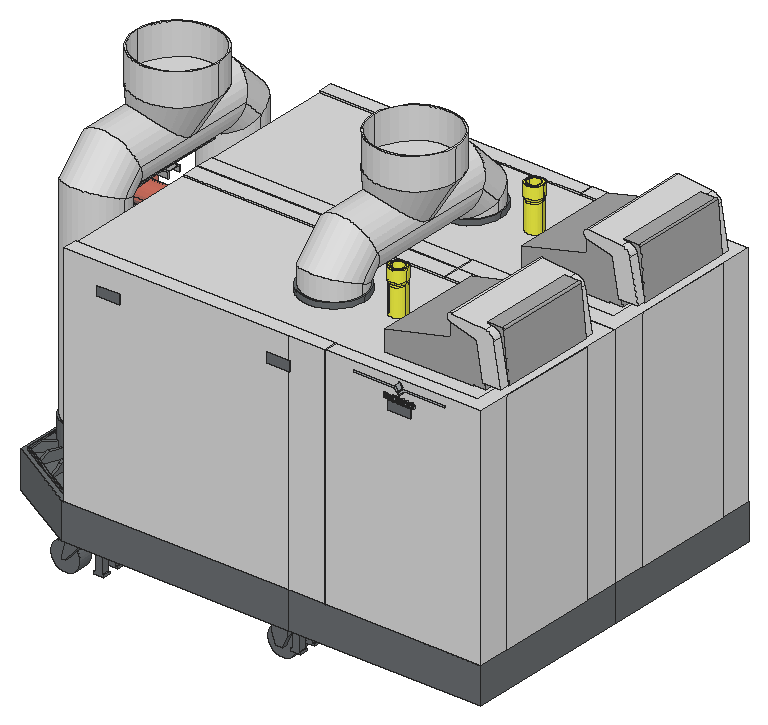
Revit family "HC_Boiler_Condensate Flow_MEPcontent_De Dietrich Thermique_C 640 8-10_FR-FR", category Mechanical Equipment, Revit 2018 (continued)
Definition of nested family "HC_Boiler_Remeha_320 Ace 8-10_Geometry_Right"
  Forms (mm)
    Extrusion 4, solid, material <- "Grey", detail levels fine
      sketch origin (14.5, 247.05, 366) x (0, 0, -1) y (-1, 0, 0)
        loop
          line (296, 584.5) -> (296, 578.287) -> (306, 578.287) -> (306, 620.713) -> (296, 620.713) -> (296, 614.5) -> (211, 614.5) -> (211, 584.5) -> (296, 584.5)
      from -24.05 to 5.95
    Extrusion 5, solid, material <- "Grey", detail levels fine
      sketch origin (14.5, 302.436, 366) x (0, 0, -1) y (1, 0, 0)
        loop
          line (296, -584.5) -> (211, -584.5) -> (211, -614.5) -> (296, -614.5) -> (296, -620.713) -> (306, -620.713) -> (306, -578.287) -> (296, -578.287) -> (296, -584.5)
      from -24.05 to 5.95
    Extrusion 6, solid, material <- "Grey", detail levels fine
      sketch origin (-139.5, -247.05, 366) x (0, 0, -1) y (1, 0, 0)
        loop
          circle (303.778, -614.479) r 62.485
      from -11.05 to 48.95
    Extrusion 7, solid, material <- "Grey", detail levels fine
      sketch origin (-139.5, -247.05, 366) x (0, 0, -1) y (1, 0, 0)
        loop
          line (211, -594.5) -> (302.304, -618.965)
          arc (302.304, -618.965) -> (306.314, -618.167) -> (308.122, -614.5) r 4.622
          line (308.122, -614.5) -> (308.122, -600.995) -> (211, -519.5) -> (211, -594.5)
      from 0 to 63.95
    Extrusion 8, solid, material <- "Grey", detail levels fine
      sketch origin (14.5, -247.05, 366) x (0, 0, -1) y (1, 0, 0)
        loop
          line (296, -584.5) -> (211, -584.5) -> (211, -614.5) -> (296, -614.5) -> (296, -620.713) -> (306, -620.713) -> (306, -578.287) -> (296, -578.287) -> (296, -584.5)
      from -24.05 to 5.95
    Extrusion 9, solid, material <- "Grey", detail levels fine
      sketch origin (14.5, -302.436, 366) x (0, 0, -1) y (-1, 0, 0)
        loop
          line (296, 584.5) -> (296, 578.287) -> (306, 578.287) -> (306, 620.713) -> (296, 620.713) -> (296, 614.5) -> (211, 614.5) -> (211, 584.5) -> (296, 584.5)
      from -24.05 to 5.95
    Extrusion 10, solid, material <- "Grey", detail levels fine
      sketch origin (1019.5, 247.05, 366) x (0, 0, -1) y (-1, 0, 0)
        loop
          circle (303.778, 837.172) r 62.485
      from -11.05 to 48.95
    Extrusion 11, solid, material <- "Grey", detail levels fine
      sketch origin (1019.5, 247.05, 366) x (0, 0, -1) y (-1, 0, 0)
        loop
          line (268.896, 872.18) -> (211, 872.18) -> (211, 802.164) -> (268.896, 802.164) -> (316.024, 822.169) -> (316.024, 852.176) -> (268.896, 872.18)
      from 0 to 63.95
    Extrusion 12, solid, material <- "Grey", detail levels fine
      sketch origin (1019.5, 247.05, 366) x (0, 0, -1) y (-1, 0, 0)
        loop
          line (296, 739.5) -> (296, 733.287) -> (306, 733.287) -> (306, 775.713) -> (296, 775.713) -> (296, 769.5) -> (211, 769.5) -> (211, 739.5) -> (296, 739.5)
      from -24.05 to 5.95
    Extrusion 13, solid, material <- "Grey", detail levels fine
      sketch origin (1019.5, 302.436, 366) x (0, 0, -1) y (1, 0, 0)
        loop
          line (296, -739.5) -> (211, -739.5) -> (211, -769.5) -> (296, -769.5) -> (296, -775.713) -> (306, -775.713) -> (306, -733.287) -> (296, -733.287) -> (296, -739.5)
      from -24.05 to 5.95
    Extrusion 14, solid, material <- "Grey", detail levels fine
      sketch origin (1019.5, -247.05, 366) x (0, 0, -1) y (1, 0, 0)
        loop
          circle (303.778, -837.172) r 62.485
      from -11.05 to 48.95
    Extrusion 15, solid, material <- "Grey", detail levels fine
      sketch origin (1019.5, -247.05, 366) x (0, 0, -1) y (1, 0, 0)
        loop
          line (211, -802.164) -> (211, -872.18) -> (268.896, -872.18) -> (316.024, -852.176) -> (316.024, -822.169) -> (268.896, -802.164) -> (211, -802.164)
      from 0 to 63.95
    Extrusion 16, solid, material <- "Grey", detail levels fine
      sketch origin (1019.5, -247.05, 366) x (0, 0, -1) y (1, 0, 0)
        loop
          line (296, -739.5) -> (211, -739.5) -> (211, -769.5) -> (296, -769.5) -> (296, -775.713) -> (306, -775.713) -> (306, -733.287) -> (296, -733.287) -> (296, -739.5)
      from -24.05 to 5.95
    Extrusion 17, solid, material <- "Grey", detail levels fine
      sketch origin (1019.5, -302.436, 366) x (0, 0, -1) y (-1, 0, 0)
        loop
          line (296, 739.5) -> (296, 733.287) -> (306, 733.287) -> (306, 775.713) -> (296, 775.713) -> (296, 769.5) -> (211, 769.5) -> (211, 739.5) -> (296, 739.5)
      from -24.05 to 5.95
    Extrusion 18, solid, material <- "White", detail levels fine
      sketch origin (14.5, 351, 0) x (-1, 0, 0) y (0, -1, 0)
        loop
          line (728, -2) -> (728, 59) -> (-243, 59) -> (-1010, 59) -> (-1010, 643) -> (728, 643) -> (728, 718) -> (-243, 718) -> (-1071.5, 718) -> (-1071.5, -2) -> (-243, -2) -> (728, -2)
      from 310 to 1293
    Extrusion 19, solid, material <- "White", detail levels fine
      sketch origin (14.5, 351, 0) x (-1, 0, 0) y (0, -1, 0)
        loop
          line (-243, 59) -> (728, 59) -> (728, 643) -> (-1010, 643) -> (-1010, 59) -> (-243, 59)
      from 310 to 1287
    Extrusion 20, solid, material <- "Grey", detail levels fine
      sketch origin (14.5, 247.05, 366) x (0, 0, -1) y (-1, 0, 0)
        loop
          line (248.233, -439.5) -> (248.233, -429.5) -> (361, -429.5) -> (361, -389.5) -> (331, -389.5) -> (331, -312.5) -> (211, -312.5) -> (211, -439.5) -> (248.233, -439.5)
      from -312.05 to -182.05
    Extrusion 21, solid, material <- "Grey", detail levels fine
      sketch origin (156.992, -244.39, 366) x (0, 0, -1) y (1, 0, 0)
        loop
          line (-832.014, 102.008) -> (-832.014, 5.004) -> (-791.002, 5.004) -> (-791.002, 102.008) -> (-832.014, 102.008)
        loop
          line (-832.014, -631.488) -> (-832.014, -728.492) -> (-791.002, -728.492) -> (-791.002, -631.488) -> (-832.014, -631.488)
        loop
          line (-832.014, 625.006) -> (-832.014, 528.002) -> (-791.002, 528.002) -> (-791.002, 625.006) -> (-832.014, 625.006)
      from -598.09 to -594.706
    Extrusion 22, solid, material <- "White", detail levels fine
      sketch origin (169.5, 351, 0) x (0, 1, 0) y (0, 0, -1)
        loop
          line (-136.5, -310) -> (-565.5, -310) -> (-565.5, -1291) -> (-136.5, -1291) -> (-136.5, -310)
      from -917.847 to -916.5
    Extrusion 23, solid, material <- "Grey", detail levels fine
      sketch origin (-139.5, 351, 0) x (0, 1, 0) y (0, 0, -1)
        loop
          line (-594.937, -310) -> (-594.937, -317.5) -> (-528.296, -349.5) -> (-479.296, -349.5) -> (-479.296, -310) -> (-594.937, -310)
      from 710.659 to 722.721
    Extrusion 24, solid, material <- "Grey", detail levels fine
      sketch origin (-139.5, -351, 0) x (0, -1, 0) y (0, 0, 1)
        loop
          line (-481.932, 349.5) -> (-530.953, 349.5) -> (-597.211, 320) -> (-597.211, 310) -> (-481.932, 310) -> (-481.932, 349.5)
      from 710.659 to 722.721
    Extrusion 25, solid, material <- "Grey", detail levels fine
      sketch origin (87.682, -23.833, 0) x (0.374607, -0.927184, 0) y (0, 0, 1)
        loop
          line (-505.854, 349.5) -> (-556.289, 349.5) -> (-595.437, 317.5) -> (-595.437, 310) -> (-505.854, 310) -> (-505.854, 349.5)
      from 865.159 to 877.221
    Extrusion 26, solid, material <- "Grey", detail levels fine
      sketch origin (13.727, 367.176, 0) x (0.71934, -0.694658, 0) y (0, 0, 1)
        loop
          line (-501.507, 349.5) -> (-556.289, 349.5) -> (-597.292, 316.102) -> (-597.292, 310) -> (-501.507, 310) -> (-501.507, 349.5)
      from 865.159 to 877.221
    Extrusion 27, solid, material <- "Grey", detail levels fine
      sketch origin (-183.587, 691.406, 0) x (0.945519, -0.325568, 0) y (0, 0, 1)
        loop
          line (-541.08, 349.5) -> (-556.289, 349.5) -> (-594.41, 318.274) -> (-594.41, 310) -> (-541.08, 310) -> (-541.08, 349.5)
      from 865.159 to 877.221
    Extrusion 28, solid, material <- "Grey", detail levels fine
      sketch origin (-592.442, 872.84, 0) x (1, 0, 0) y (0, 0, 1)
        loop
          line (-394.689, 349.5) -> (-401.789, 349.5) -> (-438.646, 321.726) -> (-438.646, 310) -> (-394.689, 310) -> (-394.689, 349.5)
      from 865.159 to 877.221
    Extrusion 29, solid, material <- "Grey", detail levels fine
      sketch origin (-183.587, -691.406, 0) x (0.945519, 0.325568, 0) y (0, 0, -1)
        loop
          line (-542.69, -349.5) -> (-542.69, -310) -> (-593.583, -310) -> (-593.583, -318.897) -> (-556.289, -349.5) -> (-542.69, -349.5)
      from 865.159 to 877.221
    Extrusion 30, solid, material <- "Grey", detail levels fine
      sketch origin (87.682, 23.833, 0) x (0.374607, 0.927184, 0) y (0, 0, -1)
        loop
          line (-503.593, -349.5) -> (-503.593, -312.5) -> (-591.94, -312.5) -> (-591.94, -320.842) -> (-553.909, -349.5) -> (-503.593, -349.5)
      from 865.159 to 877.221
    Extrusion 31, solid, material <- "Grey", detail levels fine
      sketch origin (-139.5, 351, 0) x (-1, 0, 0) y (0, -1, 0)
        loop
          line (583, 679.868) -> (583, 22.132) -> (892.5, 200.329) -> (892.5, 502.171) -> (583, 679.868)
        loop
          line (586, 674.679) -> (586, 27.321) -> (889.5, 202.063) -> (889.5, 500.437) -> (586, 674.679)
      from 310 to 324.816
    Extrusion 32, solid, material <- "Grey", detail levels fine
      sketch origin (-139.5, 351, 0) x (-1, 0, 0) y (0, -1, 0)
        loop
          circle (718.515, 351) r 125
        loop
          circle (718.515, 351) r 132
      from 310 to 445
    Extrusion 33, solid, material <- "Yellow", detail levels fine
      sketch origin (169.5, 351, 0) x (-1, 0, 0) y (0, -1, 0)
        loop
          circle (-275.5, 351) r 30.15
        loop
          circle (-275.316, 351) r 35
      from 1293 to 1477
    Extrusion 34, solid, material <- "Grey", detail levels fine
      sketch origin (14.5, 350.688, 0) x (-1, 0, 0) y (0, -1, 0)
        loop
          circle (-482.322, 351) r 21.2
      from 130 to 155
    Extrusion 35, void
      sketch origin (324, 988.676, 5) x (0, 1, 0) y (0, 0, 1)
        loop
          line (-1355.676, 1288) -> (-1355.676, 1280.903) -> (-643.176, 1280.903) -> (-643.176, 150) -> (-635.676, 150) -> (-635.676, 1288) -> (-1355.676, 1288)
      from 87 to 90.5
    Revolve 36, solid, material <- "Yellow", detail levels fine
      sketch origin (169.5, 0, 364) x (0, 0, -1) y (-1, 0, 0)
        loop
          line (-1113, -314.329) -> (-1064.5, -314.329) -> (-1055.271, -311.229) -> (-1047.5, -311.229) -> (-1047.5, -296.329) -> (-1113, -296.329) -> (-1113, -314.329)
        axis (-1113, -275.5) -> (-1047.5, -275.5)
      angle from 0 to 360
    Extrusion 37, void
      sketch origin (169.5, 342.676, 0) x (1, 0, 0) y (0, 1, 0)
        loop
          circle (275.5, -342.7) r 25.4
      from 1289 to 1477
    Extrusion 38, solid, detail levels coarse+medium
      sketch origin (14.5, 351, 0) x (-1, 0, 0) y (0, -1, 0)
        loop
          line (-238.5, -2) -> (738.5, -2) -> (1070.488, 189.432) -> (1070.488, 508.068) -> (738.5, 718) -> (-238.5, 718) -> (-1067, 718) -> (-1067, -2) -> (-238.5, -2)
      from 155 to 310
    Extrusion 39, solid, detail levels coarse+medium
      sketch origin (-139.5, 247.05, 366) x (0, 0, -1) y (-1, 0, 0)
        loop
          circle (303.778, 614.479) r 62.485
      from -11.05 to 48.95
    Extrusion 40, solid, detail levels coarse+medium
      sketch origin (-139.5, 247.05, 366) x (0, 0, -1) y (-1, 0, 0)
        loop
          line (211, 594.5) -> (211, 519.5) -> (308.122, 600.995) -> (308.122, 614.5)
          arc (308.122, 614.5) -> (306.314, 618.167) -> (302.304, 618.965) r 4.622
          line (302.304, 618.965) -> (211, 594.5)
      from 0 to 63.95
    Extrusion 41, solid, detail levels coarse+medium
      sketch origin (-139.5, -247.05, 366) x (0, 0, -1) y (1, 0, 0)
        loop
          circle (303.778, -614.479) r 62.485
      from -11.05 to 48.95
    Extrusion 42, solid, detail levels coarse+medium
      sketch origin (-139.5, -247.05, 366) x (0, 0, -1) y (1, 0, 0)
        loop
          line (211, -594.5) -> (302.304, -618.965)
          arc (302.304, -618.965) -> (306.314, -618.167) -> (308.122, -614.5) r 4.622
          line (308.122, -614.5) -> (308.122, -600.995) -> (211, -519.5) -> (211, -594.5)
      from 0 to 63.95
    Extrusion 43, solid, detail levels coarse+medium
      sketch origin (1019.5, 247.05, 366) x (0, 0, -1) y (-1, 0, 0)
        loop
          circle (303.778, 837.172) r 62.485
      from -11.05 to 48.95
    Extrusion 44, solid, detail levels coarse+medium
      sketch origin (1019.5, 247.05, 366) x (0, 0, -1) y (-1, 0, 0)
        loop
          line (268.896, 872.18) -> (211, 872.18) -> (211, 802.164) -> (268.896, 802.164) -> (316.024, 822.169) -> (316.024, 852.176) -> (268.896, 872.18)
      from 0 to 63.95
    Extrusion 45, solid, detail levels coarse+medium
      sketch origin (1019.5, -247.05, 366) x (0, 0, -1) y (1, 0, 0)
        loop
          circle (303.778, -837.172) r 62.485
      from -11.05 to 48.95
    Extrusion 46, solid, detail levels coarse+medium
      sketch origin (1019.5, -247.05, 366) x (0, 0, -1) y (1, 0, 0)
        loop
          line (211, -802.164) -> (211, -872.18) -> (268.896, -872.18) -> (316.024, -852.176) -> (316.024, -822.169) -> (268.896, -802.164) -> (211, -802.164)
      from 0 to 63.95
    Extrusion 47, solid, detail levels coarse+medium
      sketch origin (-139.5, 351, 0) x (-1, 0, 0) y (0, -1, 0)
        loop
          circle (718.515, 351) r 125
        loop
          circle (718.515, 351) r 132
      from 310 to 445
    Extrusion 48, solid, detail levels coarse+medium
      sketch origin (14, 342.676, 0) x (1, 0, 0) y (0, 1, 0)
        loop
          line (-728, 10.324) -> (-728, -709.676) -> (1071.5, -709.676) -> (1071.5, 10.324) -> (-728, 10.324)
      from 310 to 1293
    Extrusion 49, solid, detail levels coarse+medium
      sketch origin (20.531, 351.5, 0) x (-1, 0, 0) y (0, -1, 0)
        loop
          circle (-145.969, 351) r 125
        loop
          circle (-145.969, 351) r 135
      from 1293 to 1310
    Extrusion 50, solid, detail levels coarse+medium
      sketch origin (169.5, 353, 0) x (-1, 0, 0) y (0, -1, 0)
        loop
          circle (-275.5, 353) r 30.15
        loop
          circle (-275.316, 353) r 35
      from 1293 to 1477
    Extrusion 51, solid, material <- "Grey", detail levels fine
      sketch origin (13.727, -367.176, 0) x (0.71934, 0.694658, 0) y (0, 0, -1)
        loop
          line (-501.507, -349.5) -> (-501.507, -312.5) -> (-597.292, -312.5) -> (-597.292, -318.602) -> (-556.289, -349.5) -> (-501.507, -349.5)
      from 865.159 to 877.221
    Extrusion 52, solid, material <- "White", visible <- "Control Unit on Back", detail levels fine
      sketch origin (-1128.353, 410, 5) x (-1, 0, 0) y (0, 0, -1)
        loop
          arc (-2003.01, -1545) -> (-1983.982, -1530.4) -> (-1996.869, -1510.172) r 17.75
          line (-1996.869, -1510.172) -> (-2100.387, -1482.435)
          arc (-2100.387, -1482.435) -> (-2105.421, -1480.35) -> (-2107.505, -1475.317) r 7.118
          line (-2107.505, -1475.317) -> (-2135.102, -1324.809) -> (-2214.226, -1324.809) -> (-2182.356, -1499.549)
          arc (-2182.356, -1499.549) -> (-2169.988, -1522.094) -> (-2146.45, -1532.451) r 40
          line (-2146.45, -1532.451) -> (-2003.01, -1545)
      from 165 to 655
    Extrusion 53, solid, material <- "Light Gray", visible <- "Control Unit on Back", detail levels fine
      sketch origin (-1128.353, 410, 5) x (-1, 0, 0) y (0, 0, -1)
        loop
          line (-2189.446, -1537.5) -> (-2126, -1537.5) -> (-2126, -1534.24) -> (-2146.45, -1532.451)
          arc (-2146.45, -1532.451) -> (-2169.988, -1522.094) -> (-2182.356, -1499.549) r 40
          line (-2182.356, -1499.549) -> (-2214.226, -1324.809) -> (-2135.102, -1324.809) -> (-2135.421, -1323) -> (-2215.853, -1323) -> (-2197.416, -1530.189)
          arc (-2197.416, -1530.189) -> (-2194.853, -1535.396) -> (-2189.446, -1537.5) r 8
      from 202.015 to 617
    Extrusion 54, solid, material <- "Blue", detail levels fine
      sketch origin (-140.5, -349.5, -2.5) x (0, -1, 0) y (0, 0, 1)
        loop
          circle (-110.5, 368.5) r 49
        loop
          circle (-110.5, 368.5) r 44.5
      from 573 to 928.5
    Extrusion 55, solid, material <- "Red", detail levels fine
      sketch origin (-140.5, -340.125, 650.996) x (0, -1, 0) y (0, 0, 1)
        loop
          circle (-101.125, 372.004) r 44.45
        loop
          circle (-101.125, 372.004) r 49
      from 573 to 928.5
    Sweep 56, solid, material <- "Blue", visible <- "Optional Connection", detail levels fine
      path origin (-140.5, -239, 363.5) x (0, 0, -1) y (1, 0, 0)
        loop
          line (-322.5, -928.5) -> (-322.5, -884.302)
          arc (-322.5, -884.302) -> (-313.695, -837.972) -> (-288.509, -798.101) r 126.3
          line (-288.509, -798.101) -> (-211.747, -715.899)
          arc (-211.747, -715.899) -> (-186.561, -676.028) -> (-177.756, -629.698) r 126.3
          line (-177.756, -629.698) -> (-177.756, -574) -> (-177.756, -573)
      profile origin (-1046.901, -239, 686) x (0, 0, 1) y (0, -1, 0)
        loop
          circle (0, 0) r 45.7
        loop
          circle (0, 0) r 38.05
    Extrusion 57, solid, material <- "Red", detail levels fine
      sketch origin (15, -2125.087, -334.845) x (0, -1, 0) y (0, 0, -1)
        loop
          circle (-1886.087, -1357.845) r 99.5
        loop
          circle (-1916.587, -1431.845) r 9
        loop
          circle (-1853.313, -1431.845) r 9
        loop
          circle (-1916.587, -1283.845) r 9
        loop
          circle (-1853.313, -1283.845) r 9
        loop
          circle (-1812.087, -1388.345) r 9
        loop
          circle (-1812.087, -1327.345) r 9
        loop
          circle (-1960.087, -1388.345) r 9
        loop
          circle (-1960.087, -1327.345) r 9
        loop
          circle (-1886.087, -1357.845) r 44.45
      from -1101 to -1084
    Extrusion 58, solid, material <- "Blue", detail levels fine
      sketch origin (15, -2133.958, -990.844) x (0, -1, 0) y (0, 0, -1)
        loop
          circle (-1894.958, -1356.844) r 99.5
        loop
          circle (-1927.731, -1430.844) r 9
        loop
          circle (-1864.458, -1430.844) r 9
        loop
          circle (-1927.731, -1282.844) r 9
        loop
          circle (-1864.458, -1282.844) r 9
        loop
          circle (-1823.231, -1387.344) r 9
        loop
          circle (-1823.231, -1326.344) r 9
        loop
          circle (-1971.231, -1387.344) r 9
        loop
          circle (-1971.231, -1326.344) r 9
        loop
          circle (-1894.958, -1356.844) r 44.5
      from -1101 to -1084
    Extrusion 59, solid, material <- "Blue", visible <- "Optional Connection", detail levels fine
      sketch origin (15, -2125.04, -667.844) x (0, -1, 0) y (0, 0, -1)
        loop
          circle (-1886.04, -1353.844) r 92.5
        loop
          circle (-1939.579, -1405.109) r 9
        loop
          circle (-1886.04, -1353.844) r 38.05
        loop
          circle (-1939.579, -1302.579) r 9
        loop
          circle (-1834.775, -1405.109) r 9
        loop
          circle (-1834.775, -1302.579) r 9
      from -1101 to -1084
    Extrusion 60, solid, detail levels coarse+medium
      sketch origin (-140.5, -349.5, -2.5) x (0, -1, 0) y (0, 0, 1)
        loop
          circle (-110.5, 368.5) r 44.45
        loop
          circle (-110.5, 368.5) r 49
      from 573 to 928.5
    Extrusion 61, solid, detail levels coarse+medium
      sketch origin (-140.5, -340.125, 650.996) x (0, -1, 0) y (0, 0, 1)
        loop
          circle (-101.125, 372.004) r 44.45
        loop
          circle (-101.125, 372.004) r 49
      from 573 to 928.5
    Sweep 62, solid, visible <- "Optional Connection", detail levels coarse+medium
      path origin (-140.5, -239.5, 363.5) x (0, 0, -1) y (1, 0, 0)
        loop
          line (-322.5, -928.5) -> (-322.5, -884.302)
          arc (-322.5, -884.302) -> (-313.695, -837.972) -> (-288.509, -798.101) r 126.3
          line (-288.509, -798.101) -> (-211.747, -715.899)
          arc (-211.747, -715.899) -> (-186.561, -676.028) -> (-177.756, -629.698) r 126.3
          line (-177.756, -629.698) -> (-177.756, -574) -> (-177.756, -573)
      profile origin (-1046.901, -239.5, 686) x (0, 0, 1) y (0, -1, 0)
        loop
          circle (0, 0) r 45.7
        loop
          circle (0, -0.156) r 38.05
    Extrusion 63, solid, detail levels coarse+medium
      sketch origin (14, -2125.587, -334.845) x (0, -1, 0) y (0, 0, -1)
        loop
          circle (-1886.587, -1357.845) r 99.5
        loop
          circle (-1886.587, -1357.845) r 44.45
      from -1100 to -1083
    Extrusion 64, solid, detail levels coarse+medium
      sketch origin (14, -2134.458, -990.844) x (0, -1, 0) y (0, 0, -1)
        loop
          circle (-1895.458, -1356.844) r 99.5
        loop
          circle (-1895.458, -1356.844) r 44.45
      from -1100 to -1083
    Extrusion 65, solid, visible <- "Optional Connection", detail levels coarse+medium
      sketch origin (14, -2126.134, -669.844) x (0, -1, 0) y (0, 0, -1)
        loop
          circle (-1886.04, -1355.844) r 92.5
        loop
          circle (-1887.134, -1355.844) r 38.05
      from -1100 to -1083
    Extrusion 66, solid, material <- "Light Gray", visible <- "Control Unit on Back", detail levels fine
      sketch origin (734, 734, 0) x (1, 0, 0) y (0, 0, 1)
        loop
          line (-158, 1380.443) -> (-158, 1293) -> (225.147, 1293) -> (225.147, 1298) -> (278.358, 1298) -> (272.749, 1329.809) -> (245.153, 1480.317)
          arc (245.153, 1480.317) -> (243.068, 1485.35) -> (238.035, 1487.435) r 7.118
          line (238.035, 1487.435) -> (134.516, 1515.172)
          arc (134.516, 1515.172) -> (129.055, 1517.69) -> (124.748, 1521.887) r 17.75
          line (124.748, 1521.887) -> (124.748, 1450.205) -> (-158, 1380.443)
      from 500.5 to 967.5
    Extrusion 67, solid, visible <- "Control Unit on Back", detail levels coarse+medium
      sketch origin (734, 734, 0) x (1, 0, 0) y (0, 0, 1)
        loop
          line (124.748, 1450.205) -> (-158, 1380.443) -> (-158, 1293) -> (225.147, 1293) -> (225.147, 1298) -> (278.358, 1298) -> (272.749, 1329.809) -> (351.873, 1329.809) -> (320.004, 1504.549)
          arc (320.004, 1504.549) -> (307.635, 1527.094) -> (284.098, 1537.451) r 40
          line (284.098, 1537.451) -> (140.657, 1550)
          arc (140.657, 1550) -> (123.662, 1541.059) -> (124.748, 1521.887) r 17.75
          line (124.748, 1521.887) -> (124.748, 1450.205)
      from 489 to 979
    Extrusion 68, solid, detail levels coarse+medium
      sketch origin (14.5, 350.688, 0) x (-1, 0, 0) y (0, -1, 0)
        loop
          circle (-482.322, 351) r 21.2
      from 130 to 155
    Extrusion 69, void
      sketch origin (0, 0, 0) x (0, 1, 0) y (0, 0, 1)
        loop
          circle (-239, 366) r 49
        loop
          circle (239, 366) r 49
      from -1106.862 to -714.816
    Extrusion 70, solid, material <- "White", visible <- "Control Unit on Side", detail levels fine
      sketch origin (323.515, -1859.853, 5) x (0, -1, 0) y (0, 0, -1)
        loop
          arc (-2003.01, -1545) -> (-1983.982, -1530.4) -> (-1996.869, -1510.172) r 17.75
          line (-1996.869, -1510.172) -> (-2100.387, -1482.435)
          arc (-2100.387, -1482.435) -> (-2105.421, -1480.35) -> (-2107.505, -1475.317) r 7.118
          line (-2107.505, -1475.317) -> (-2135.102, -1324.809) -> (-2214.226, -1324.809) -> (-2182.356, -1499.549)
          arc (-2182.356, -1499.549) -> (-2169.988, -1522.094) -> (-2146.45, -1532.451) r 40
          line (-2146.45, -1532.451) -> (-2003.01, -1545)
      from 165 to 655
    Extrusion 71, solid, material <- "Light Gray", visible <- "Control Unit on Side", detail levels fine
      sketch origin (323.515, -1859.853, 5) x (0, -1, 0) y (0, 0, -1)
        loop
          line (-2189.446, -1537.5) -> (-2126, -1537.5) -> (-2126, -1534.24) -> (-2146.45, -1532.451)
          arc (-2146.45, -1532.451) -> (-2169.988, -1522.094) -> (-2182.356, -1499.549) r 40
          line (-2182.356, -1499.549) -> (-2214.226, -1324.809) -> (-2135.102, -1324.809) -> (-2135.421, -1323) -> (-2215.853, -1323) -> (-2197.416, -1530.189)
          arc (-2197.416, -1530.189) -> (-2194.853, -1535.396) -> (-2189.446, -1537.5) r 8
      from 202.015 to 617
    Extrusion 72, solid, material <- "Light Gray", visible <- "Control Unit on Side", detail levels fine
      sketch origin (-0.485, 2.5, 0) x (0, 1, 0) y (0, 0, 1)
        loop
          line (-158, 1380.443) -> (-158, 1293) -> (225.147, 1293) -> (225.147, 1298) -> (278.358, 1298) -> (272.749, 1329.809) -> (245.153, 1480.317)
          arc (245.153, 1480.317) -> (243.068, 1485.35) -> (238.035, 1487.435) r 7.118
          line (238.035, 1487.435) -> (134.516, 1515.172)
          arc (134.516, 1515.172) -> (129.055, 1517.69) -> (124.748, 1521.887) r 17.75
          line (124.748, 1521.887) -> (124.748, 1450.205) -> (-158, 1380.443)
      from 500.5 to 967.5
    Extrusion 73, solid, material <- "Red", not visible, detail levels fine
      sketch origin (421.75, -3280.103, 5) x (0, -1, 0) y (0, 0, -1)
        loop
          arc (-2003.01, -1545) -> (-1983.982, -1530.4) -> (-1996.869, -1510.172) r 17.75
          line (-1996.869, -1510.172) -> (-2100.387, -1482.435)
          arc (-2100.387, -1482.435) -> (-2105.421, -1480.35) -> (-2107.505, -1475.317) r 7.118
          line (-2107.505, -1475.317) -> (-2135.102, -1324.809) -> (-2214.226, -1324.809) -> (-2182.356, -1499.549)
          arc (-2182.356, -1499.549) -> (-2169.988, -1522.094) -> (-2146.45, -1532.451) r 40
          line (-2146.45, -1532.451) -> (-2003.01, -1545)
      from 165 to 655
    Extrusion 74, solid, material <- "Grey", not visible, detail levels fine
      sketch origin (421.75, -3280.103, 5) x (0, -1, 0) y (0, 0, -1)
        loop
          line (-2189.446, -1537.5) -> (-2126, -1537.5) -> (-2126, -1534.24) -> (-2146.45, -1532.451)
          arc (-2146.45, -1532.451) -> (-2169.988, -1522.094) -> (-2182.356, -1499.549) r 40
          line (-2182.356, -1499.549) -> (-2214.226, -1324.809) -> (-2135.102, -1324.809) -> (-2135.421, -1323) -> (-2215.853, -1323) -> (-2197.416, -1530.189)
          arc (-2197.416, -1530.189) -> (-2194.853, -1535.396) -> (-2189.446, -1537.5) r 8
      from 202.015 to 617
    Extrusion 75, solid, material <- "Grey", not visible, detail levels fine
      sketch origin (97.75, -1417.75, 0) x (0, 1, 0) y (0, 0, 1)
        loop
          line (-158, 1380.443) -> (-158, 1293) -> (225.147, 1293) -> (225.147, 1298) -> (278.358, 1298) -> (272.749, 1329.809) -> (245.153, 1480.317)
          arc (245.153, 1480.317) -> (243.068, 1485.35) -> (238.035, 1487.435) r 7.118
          line (238.035, 1487.435) -> (134.516, 1515.172)
          arc (134.516, 1515.172) -> (129.055, 1517.69) -> (124.748, 1521.887) r 17.75
          line (124.748, 1521.887) -> (124.748, 1450.205) -> (-158, 1380.443)
      from 500.5 to 967.5
    Extrusion 76, solid, visible <- "Control Unit on Side", detail levels coarse+medium
      sketch origin (-0.485, 1.127, 0) x (0, 1, 0) y (0, 0, 1)
        loop
          line (124.748, 1450.205) -> (-158, 1380.443) -> (-158, 1293) -> (225.147, 1293) -> (225.147, 1298) -> (278.358, 1298) -> (272.749, 1329.809) -> (351.873, 1329.809) -> (320.004, 1504.549)
          arc (320.004, 1504.549) -> (307.635, 1527.094) -> (284.098, 1537.451) r 40
          line (284.098, 1537.451) -> (140.657, 1550)
          arc (140.657, 1550) -> (123.662, 1541.059) -> (124.748, 1521.887) r 17.75
          line (124.748, 1521.887) -> (124.748, 1450.205)
      from 489 to 979
    Extrusion 77, solid, material <- "Grey", detail levels fine
      sketch origin (0, 0, 0) x (1, 0, 0) y (0, 1, 0)
        loop
          circle (166.5, 0.5) r 125
        loop
          circle (166.5, 0.5) r 135
      from 1287 to 1310
  Cuts and joins
    Extrusion 35 cuts Extrusion 18
    Extrusion 37 cuts Revolve 36
    Extrusion 69 cuts Extrusion 48
    Extrusion 69 cuts Extrusion 19
    Extrusion 69 cuts Extrusion 31
    Extrusion 69 cuts Extrusion 30
    Extrusion 69 cuts Extrusion 23
    Extrusion 69 cuts Extrusion 24
  Dimensions and locks
    equal spacing: plane 5, plane 1 "Center (Front/Back)", plane 4
    "Overall Width": plane 4 to plane 5
    "Overall Height": plane 6 to plane 2
    Extrusion 42 sketch curve to Extrusion 42 sketch curve to Extrusion 42 sketch curve to Extrusion 42 sketch curve = 18.127 mm locked, 6.495 mm locked, 75 mm locked
    Extrusion 40 sketch curve to Extrusion 40 sketch curve to Extrusion 40 sketch curve to Extrusion 40 sketch curve = 18.127 mm locked, 6.495 mm locked, 75 mm locked
    Extrusion 46 sketch curve to Extrusion 46 sketch curve to Extrusion 46 sketch curve to Extrusion 46 sketch curve = 20.005 mm locked, 30.007 mm locked, 20.005 mm locked
    Extrusion 44 sketch curve to Extrusion 44 sketch curve to Extrusion 44 sketch curve to Extrusion 44 sketch curve = 20.005 mm locked, 30.007 mm locked, 20.005 mm locked
    locked: Extrusion 47 sketch curve to Extrusion 47 sketch curve
    locked: Extrusion 49 sketch curve to Extrusion 49 sketch curve
    locked: Extrusion 49 sketch curve to Extrusion 49 sketch curve at 10
    locked: Extrusion 38 sketch curve to Extrusion 48 at 10  (x2)
    locked: plane 7 to plane 2 at 155
    plane 6 to plane 9 = 257 mm
    locked: Extrusion 61 sketch curve to Extrusion 61 sketch curve at 0  (x2)
    locked: Extrusion 60 sketch curve to Extrusion 60 sketch curve at 0  (x2)
    locked: plane 4 to plane 14 at 114
    equal spacing: plane 16, plane 3 "Center (Left/Right)", plane 15
    "Overall Length": plane 16 to plane 15
    plane 15 to plane 10 = 1799.5 mm
    plane 5 to Extrusion 48 sketch curve = 14 mm
    Extrusion 38 to plane 15 = 2141.988 mm
    plane 16 to plane 15 = 2172 mm
    plane 5 to plane 14 = 592 mm
    plane 17 to level = 1477 mm
    Extrusion 49 to level = 1310 mm
    plane 13 to level = 366 mm
    plane 12 to plane 13 = 320 mm
    plane 11 to plane 12 = 337 mm
    plane 9 to level = 1293 mm
    plane 4 to plane 18 = 592 mm
    locked: Extrusion 77 sketch curve to Extrusion 77 sketch curve
    locked: Extrusion 77 sketch curve to Extrusion 77 sketch curve at 10
    radius of Extrusion 6 sketch curve = 62.485 mm
    radius of Extrusion 2 sketch curve = 62.485 mm
    radius of Extrusion 14 sketch curve = 62.485 mm
    radius of Extrusion 10 sketch curve = 62.485 mm
    diameter of Extrusion 34 sketch curve = 42.4 mm
    radius of Extrusion 41 sketch curve = 62.485 mm
    radius of Extrusion 39 sketch curve = 62.485 mm
    radius of Extrusion 45 sketch curve = 62.485 mm
    radius of Extrusion 43 sketch curve = 62.485 mm
    radius of Extrusion 49 sketch curve = 135 mm
    radius of Extrusion 49 sketch curve = 125 mm
    diameter of Extrusion 54 sketch curve = 98 mm
    diameter of Extrusion 64 sketch curve = 88.9 mm
    diameter of Extrusion 60 sketch curve = 98 mm
    diameter of Extrusion 68 sketch curve = 42.4 mm
    radius of Extrusion 77 sketch curve = 135 mm
    radius of Extrusion 77 sketch curve = 125 mm
    aligned and locked: level to plane 2
    aligned and locked: Extrusion 7 to Extrusion 1
    aligned and locked: Extrusion 9 to Extrusion 1
    aligned and locked: Extrusion 15 to Extrusion 1
    aligned and locked: Extrusion 17 to Extrusion 1
    aligned and locked: Extrusion 20 to Extrusion 1
    aligned and locked: Extrusion 34 to Extrusion 1
    aligned and locked: Extrusion 45 sketch curve to Extrusion 14
    aligned and locked: Extrusion 43 sketch curve to Extrusion 45
    aligned and locked: Extrusion 46 sketch curve to Extrusion 15  (x3)
    aligned and locked: Extrusion 44 sketch curve to Extrusion 11  (x3)
    aligned and locked: Extrusion 18 to Extrusion 48
    aligned and locked: Extrusion 49 to Extrusion 48
    aligned and locked: Extrusion 50 to Extrusion 48
    aligned and locked: Extrusion 33 to Extrusion 48
    aligned and locked: Extrusion 38 to Extrusion 48
    aligned and locked: Extrusion 48 to Extrusion 22
    aligned and locked: Extrusion 31 to Extrusion 48
    aligned and locked: Extrusion 47 to Extrusion 48
    aligned and locked: Extrusion 32 to Extrusion 48
    aligned and locked: Extrusion 23 to Extrusion 38
    aligned and locked: Extrusion 24 to Extrusion 38
    aligned and locked: Extrusion 25 to Extrusion 38
    aligned and locked: Extrusion 26 to Extrusion 38
    aligned and locked: Extrusion 29 to Extrusion 38
    aligned and locked: Extrusion 28 to Extrusion 38
    aligned and locked: Extrusion 27 to Extrusion 38
    aligned and locked: Extrusion 48 sketch curve to plane 4
    aligned and locked: Extrusion 63 to Extrusion 57
    aligned and locked: Extrusion 61 to Extrusion 55
    aligned and locked: Extrusion 59 to Extrusion 65
    aligned and locked: Extrusion 54 to Extrusion 64
    aligned and locked: Extrusion 60 to Extrusion 54  (x2)
    aligned and locked: Extrusion 63 to Extrusion 61
    aligned and locked: Extrusion 57 to Extrusion 63
    aligned and locked: Extrusion 65 to Extrusion 63
    aligned and locked: Extrusion 59 to Extrusion 63
    aligned and locked: Extrusion 64 to Extrusion 63
    aligned and locked: Extrusion 58 to Extrusion 63
    aligned and locked: cut or joined group of Revolve 36, Extrusion 37 to plane 17
    aligned and locked: plane 17 to Extrusion 50
    aligned and locked: plane 17 to Extrusion 33
    aligned and locked: plane 17 to cut or joined group of Revolve 36, Extrusion 37
  Automatic sketch dimensions
    Extrusion 73 sketch curve to Extrusion 73 sketch curve = 31.869 mm
    Extrusion 73 sketch curve to Extrusion 73 sketch curve = 35.906 mm
    Extrusion 73 sketch curve to Extrusion 73 sketch curve = 79.124 mm
    Extrusion 73 sketch curve to Extrusion 73 sketch curve = 35.459 mm
    Extrusion 73 sketch curve to Extrusion 73 sketch curve = 7.118 mm
    Extrusion 73 sketch curve to Extrusion 73 sketch curve = 97.378 mm
    Extrusion 73 sketch curve to Extrusion 73 sketch curve = 1.547 mm
    Extrusion 73 sketch curve to Extrusion 73 sketch curve = 4.594 mm
    Extrusion 74 sketch curve to Extrusion 74 sketch curve = 1.627 mm
    Extrusion 74 sketch curve to Extrusion 74 sketch curve = 16.81 mm
    Extrusion 74 sketch curve to Extrusion 74 sketch curve = 7.97 mm
    Extrusion 74 sketch curve to Extrusion 74 sketch curve = 7.089 mm
    Extrusion 74 sketch curve to Extrusion 74 sketch curve = 42.996 mm
    Extrusion 74 sketch curve to Extrusion 74 sketch curve = 78.805 mm
    Extrusion 74 sketch curve to Extrusion 74 sketch curve = 0.319 mm
    Extrusion 74 sketch curve to Extrusion 74 sketch curve = 20.45 mm
    Extrusion 74 sketch curve to Extrusion 74 sketch curve = 3.26 mm
    Extrusion 75 sketch curve to Extrusion 75 sketch curve = 282.748 mm
    Extrusion 75 sketch curve to Extrusion 75 sketch curve = 9.768 mm
    Extrusion 75 sketch curve to Extrusion 75 sketch curve = 100.399 mm
    Extrusion 75 sketch curve to Extrusion 75 sketch curve = 103.519 mm
    Extrusion 75 sketch curve to Extrusion 75 sketch curve = 7.118 mm
    Extrusion 75 sketch curve to Extrusion 75 sketch curve = 47.602 mm
    Extrusion 75 sketch curve to Extrusion 75 sketch curve = 5.609 mm
    Extrusion 75 sketch curve to Extrusion 75 sketch curve = 87.443 mm
    Extrusion 73 sketch curve to Extrusion 73 sketch curve = 3.486 mm
    Extrusion 73 sketch curve to Extrusion 73 sketch curve = 12.549 mm
    Extrusion 73 sketch curve to Extrusion 73 sketch curve = 17.682 mm
    Extrusion 73 sketch curve to Extrusion 73 sketch curve = 32.902 mm
    Extrusion 73 sketch curve to Extrusion 73 sketch curve = 10.168 mm
    Extrusion 73 sketch curve to Extrusion 73 sketch curve = 150.507 mm
    Extrusion 74 sketch curve to Extrusion 74 sketch curve = 39.392 mm
    Extrusion 74 sketch curve to Extrusion 74 sketch curve = 1.789 mm
    Extrusion 74 sketch curve to Extrusion 74 sketch curve = 7.311 mm
    Extrusion 74 sketch curve to Extrusion 74 sketch curve = 29.951 mm
    Extrusion 74 sketch curve to Extrusion 74 sketch curve = 167.794 mm
    Extrusion 74 sketch curve to Extrusion 74 sketch curve = 1.809 mm
    Extrusion 75 sketch curve to Extrusion 75 sketch curve = 14.362 mm
    Extrusion 75 sketch curve to Extrusion 75 sketch curve = 5 mm
    Extrusion 75 sketch curve to Extrusion 75 sketch curve = 31.809 mm
    Extrusion 75 sketch curve to Extrusion 75 sketch curve = 152.205 mm
    Extrusion 75 sketch curve to Extrusion 75 sketch curve = 30.112 mm
    Extrusion 75 sketch curve to Extrusion 75 sketch curve = 64.967 mm
    Extrusion 75 sketch curve to Extrusion 75 sketch curve = 6.714 mm
    level to Extrusion 2 sketch curve = 62.222 mm
    Extrusion 2 sketch curve to plane 10 = 40.479 mm
    Extrusion 3 sketch curve to plane 7 = 0 mm
    level to Extrusion 3 sketch curve = 63.696 mm
    Extrusion 3 sketch curve to Extrusion 3 sketch curve = 1.196 mm
    Extrusion 3 sketch curve to Extrusion 3 sketch curve = 4.622 mm
    plane 10 to Extrusion 3 sketch curve = 54.5 mm
    Extrusion 3 sketch curve to plane 10 = 20.5 mm
    Extrusion 3 sketch curve to plane 10 = 26.995 mm
    Extrusion 3 sketch curve to Extrusion 3 sketch curve = 13.505 mm
    Extrusion 4 sketch curve to plane 7 = 0 mm
    level to Extrusion 4 sketch curve = 70 mm
    Extrusion 4 sketch curve to Extrusion 4 sketch curve = 0 mm
    Extrusion 4 sketch curve to Extrusion 4 sketch curve = 10 mm
    plane 10 to Extrusion 4 sketch curve = 149.713 mm
    Extrusion 4 sketch curve to Extrusion 4 sketch curve = 6.213 mm  (x2)
    Extrusion 4 sketch curve to Extrusion 4 sketch curve = 30 mm
    Extrusion 5 sketch curve to plane 7 = 0 mm
    level to Extrusion 5 sketch curve = 70 mm
    Extrusion 5 sketch curve to Extrusion 5 sketch curve = 0 mm
    Extrusion 5 sketch curve to Extrusion 5 sketch curve = 10 mm
    plane 10 to Extrusion 5 sketch curve = 107.287 mm
    Extrusion 5 sketch curve to Extrusion 5 sketch curve = 6.213 mm  (x2)
    Extrusion 5 sketch curve to Extrusion 5 sketch curve = 30 mm
    level to Extrusion 6 sketch curve = 62.222 mm
    Extrusion 6 sketch curve to plane 10 = 40.479 mm
    Extrusion 7 sketch curve to plane 7 = 0 mm
    level to Extrusion 7 sketch curve = 63.696 mm
    Extrusion 7 sketch curve to Extrusion 7 sketch curve = 1.196 mm
    Extrusion 7 sketch curve to Extrusion 7 sketch curve = 4.622 mm
    Extrusion 7 sketch curve to plane 10 = 44.965 mm
    Extrusion 7 sketch curve to Extrusion 7 sketch curve = 13.505 mm
    Extrusion 7 sketch curve to plane 10 = 20.5 mm
    plane 10 to Extrusion 7 sketch curve = 54.5 mm
    Extrusion 8 sketch curve to plane 7 = 0 mm
    level to Extrusion 8 sketch curve = 70 mm
    Extrusion 8 sketch curve to Extrusion 8 sketch curve = 0 mm
    Extrusion 8 sketch curve to Extrusion 8 sketch curve = 10 mm
    plane 10 to Extrusion 8 sketch curve = 107.287 mm
    Extrusion 8 sketch curve to Extrusion 8 sketch curve = 6.213 mm  (x2)
    Extrusion 8 sketch curve to Extrusion 8 sketch curve = 30 mm
    Extrusion 9 sketch curve to plane 7 = 0 mm
    level to Extrusion 9 sketch curve = 70 mm
    Extrusion 9 sketch curve to Extrusion 9 sketch curve = 0 mm
    Extrusion 9 sketch curve to Extrusion 9 sketch curve = 10 mm
    plane 10 to Extrusion 9 sketch curve = 149.713 mm
    Extrusion 9 sketch curve to Extrusion 9 sketch curve = 6.213 mm  (x2)
    Extrusion 9 sketch curve to Extrusion 9 sketch curve = 30 mm
    level to Extrusion 10 sketch curve = 62.222 mm
    plane 3 "Center (Left/Right)" to Extrusion 10 sketch curve = 182.328 mm
    Extrusion 11 sketch curve to plane 7 = 0 mm
    Extrusion 11 sketch curve to plane 7 = 57.896 mm
    Extrusion 11 sketch curve to Extrusion 11 sketch curve = 57.896 mm
    level to Extrusion 11 sketch curve = 49.976 mm
    plane 3 "Center (Left/Right)" to Extrusion 11 sketch curve = 217.336 mm
    Extrusion 11 sketch curve to Extrusion 11 sketch curve = 20.005 mm
    Extrusion 11 sketch curve to Extrusion 11 sketch curve = 30.007 mm
    Extrusion 11 sketch curve to Extrusion 11 sketch curve = 70.016 mm
    Extrusion 12 sketch curve to plane 7 = 0 mm
    level to Extrusion 12 sketch curve = 70 mm
    Extrusion 12 sketch curve to Extrusion 12 sketch curve = 0 mm
    Extrusion 12 sketch curve to Extrusion 12 sketch curve = 10 mm
    plane 3 "Center (Left/Right)" to Extrusion 12 sketch curve = 286.213 mm
    Extrusion 12 sketch curve to Extrusion 12 sketch curve = 6.213 mm  (x2)
    Extrusion 12 sketch curve to Extrusion 12 sketch curve = 30 mm
    Extrusion 13 sketch curve to plane 7 = 0 mm
    level to Extrusion 13 sketch curve = 70 mm
    Extrusion 13 sketch curve to Extrusion 13 sketch curve = 0 mm
    Extrusion 13 sketch curve to Extrusion 13 sketch curve = 10 mm
    plane 3 "Center (Left/Right)" to Extrusion 13 sketch curve = 243.787 mm
    Extrusion 13 sketch curve to Extrusion 13 sketch curve = 6.213 mm  (x2)
    Extrusion 13 sketch curve to Extrusion 13 sketch curve = 30 mm
    level to Extrusion 14 sketch curve = 62.222 mm
    plane 3 "Center (Left/Right)" to Extrusion 14 sketch curve = 182.328 mm
    Extrusion 15 sketch curve to plane 7 = 0 mm
    Extrusion 15 sketch curve to plane 7 = 57.896 mm  (x2)
    level to Extrusion 15 sketch curve = 49.976 mm
    plane 3 "Center (Left/Right)" to Extrusion 15 sketch curve = 147.32 mm
    Extrusion 15 sketch curve to Extrusion 15 sketch curve = 20.005 mm  (x2)
    Extrusion 15 sketch curve to Extrusion 15 sketch curve = 30.007 mm
    Extrusion 16 sketch curve to plane 7 = 0 mm
    level to Extrusion 16 sketch curve = 70 mm
    Extrusion 16 sketch curve to Extrusion 16 sketch curve = 0 mm
    Extrusion 16 sketch curve to Extrusion 16 sketch curve = 10 mm
    plane 3 "Center (Left/Right)" to Extrusion 16 sketch curve = 243.787 mm
    Extrusion 16 sketch curve to Extrusion 16 sketch curve = 6.213 mm  (x2)
    Extrusion 16 sketch curve to Extrusion 16 sketch curve = 30 mm
    Extrusion 17 sketch curve to plane 7 = 0 mm
    level to Extrusion 17 sketch curve = 70 mm
    Extrusion 17 sketch curve to Extrusion 17 sketch curve = 0 mm
    Extrusion 17 sketch curve to Extrusion 17 sketch curve = 10 mm
    plane 3 "Center (Left/Right)" to Extrusion 17 sketch curve = 286.213 mm
    Extrusion 17 sketch curve to Extrusion 17 sketch curve = 6.213 mm  (x2)
    Extrusion 17 sketch curve to Extrusion 17 sketch curve = 30 mm
    Extrusion 18 sketch curve to plane 4 = 0 mm
    Extrusion 18 sketch curve to plane 15 = 0 mm
    Extrusion 18 sketch curve to plane 10 = 0 mm  (x2)
    Extrusion 18 sketch curve to plane 15 = 61.5 mm
    Extrusion 18 sketch curve to plane 5 = 14 mm
    plane 3 "Center (Left/Right)" to Extrusion 18 sketch curve = 257.5 mm  (x2)
    Extrusion 18 sketch curve to plane 14 = 53 mm
    Extrusion 18 sketch curve to Extrusion 18 sketch curve = 0 mm
    plane 18 to Extrusion 18 sketch curve = 53 mm
    Extrusion 19 sketch curve to plane 10 = 0 mm
    Extrusion 19 sketch curve to plane 14 = 53 mm
    plane 3 "Center (Left/Right)" to Extrusion 19 sketch curve = 257.5 mm
    Extrusion 19 sketch curve to plane 15 = 61.5 mm
    plane 18 to Extrusion 19 sketch curve = 53 mm
    Extrusion 20 sketch curve to plane 7 = 0 mm
    Extrusion 20 sketch curve to plane 7 = 37.233 mm
    level to Extrusion 20 sketch curve = 35 mm
    level to Extrusion 20 sketch curve = 5 mm
    plane 3 "Center (Left/Right)" to Extrusion 20 sketch curve = 454 mm
    Extrusion 20 sketch curve to Extrusion 20 sketch curve = 10 mm
    Extrusion 20 sketch curve to Extrusion 20 sketch curve = 40 mm
    Extrusion 20 sketch curve to Extrusion 20 sketch curve = 77 mm
    Extrusion 22 sketch curve to plane 9 = 2 mm
    Extrusion 22 sketch curve to plane 18 = 24.5 mm
    plane 14 to Extrusion 22 sketch curve = 24.5 mm
    Extrusion 22 sketch curve to plane 13 = 56 mm
    plane 18 to Extrusion 23 sketch curve = 4.937 mm
    Extrusion 23 sketch curve to plane 13 = 16.5 mm
    Extrusion 23 sketch curve to plane 18 = 61.704 mm
    Extrusion 23 sketch curve to Extrusion 23 sketch curve = 49 mm
    Extrusion 23 sketch curve to plane 13 = 48.5 mm
    Extrusion 23 sketch curve to Extrusion 23 sketch curve = 7.5 mm
    Extrusion 24 sketch curve to plane 14 = 7.211 mm
    Extrusion 24 sketch curve to plane 13 = 16.5 mm
    plane 14 to Extrusion 24 sketch curve = 59.047 mm
    Extrusion 24 sketch curve to Extrusion 24 sketch curve = 49.021 mm
    Extrusion 24 sketch curve to plane 13 = 46 mm
    Extrusion 24 sketch curve to Extrusion 24 sketch curve = 39.5 mm
    Extrusion 25 sketch curve to plane 13 = 56 mm
    Extrusion 25 sketch curve to plane 13 = 16.5 mm
    Extrusion 25 sketch curve to Extrusion 25 sketch curve = 39.148 mm
    Extrusion 25 sketch curve to Extrusion 25 sketch curve = 50.435 mm
    Extrusion 25 sketch curve to Extrusion 25 sketch curve = 7.5 mm
    Extrusion 26 sketch curve to plane 13 = 56 mm
    Extrusion 26 sketch curve to plane 13 = 16.5 mm
    Extrusion 26 sketch curve to Extrusion 26 sketch curve = 41.003 mm
    Extrusion 26 sketch curve to Extrusion 26 sketch curve = 54.782 mm
    Extrusion 26 sketch curve to Extrusion 26 sketch curve = 6.102 mm
    Extrusion 27 sketch curve to plane 13 = 56 mm
    Extrusion 27 sketch curve to plane 13 = 16.5 mm
    Extrusion 27 sketch curve to Extrusion 27 sketch curve = 38.121 mm
    Extrusion 27 sketch curve to Extrusion 27 sketch curve = 15.209 mm
    Extrusion 27 sketch curve to Extrusion 27 sketch curve = 8.274 mm
    Extrusion 28 sketch curve to plane 16 = 54.912 mm
    Extrusion 28 sketch curve to plane 13 = 16.5 mm
    Extrusion 28 sketch curve to Extrusion 28 sketch curve = 36.857 mm
    Extrusion 28 sketch curve to Extrusion 28 sketch curve = 7.1 mm
    Extrusion 28 sketch curve to plane 13 = 44.274 mm
    Extrusion 28 sketch curve to Extrusion 28 sketch curve = 39.5 mm
    Extrusion 29 sketch curve to plane 13 = 56 mm
    Extrusion 29 sketch curve to plane 13 = 16.5 mm
    Extrusion 29 sketch curve to Extrusion 29 sketch curve = 37.294 mm
    Extrusion 29 sketch curve to Extrusion 29 sketch curve = 13.599 mm
    Extrusion 29 sketch curve to Extrusion 29 sketch curve = 8.897 mm
    Extrusion 30 sketch curve to plane 13 = 53.5 mm
    Extrusion 30 sketch curve to plane 13 = 16.5 mm
    Extrusion 30 sketch curve to Extrusion 30 sketch curve = 38.031 mm
    Extrusion 30 sketch curve to Extrusion 30 sketch curve = 50.316 mm
    Extrusion 30 sketch curve to Extrusion 30 sketch curve = 8.342 mm
    Extrusion 31 sketch curve to plane 10 = 9 mm
    Extrusion 31 sketch curve to Extrusion 31 sketch curve = 3 mm  (x2)
    Extrusion 31 sketch curve to plane 16 = 57 mm
    Extrusion 31 sketch curve to plane 4 = 24.132 mm
    Extrusion 31 sketch curve to Extrusion 31 sketch curve = 5.189 mm  (x2)
    plane 14 to Extrusion 31 sketch curve = 88.329 mm
    Extrusion 31 sketch curve to Extrusion 31 sketch curve = 1.734 mm  (x2)
    Extrusion 31 sketch curve to plane 18 = 89.563 mm
    plane 5 to Extrusion 31 sketch curve = 29.321 mm
    Extrusion 32 sketch curve to Extrusion 32 sketch curve = 0 mm  (x2)
    plane 1 "Center (Front/Back)" to Extrusion 32 sketch curve = 0 mm
    Extrusion 32 sketch curve to plane 10 = 144.515 mm
    plane 1 "Center (Front/Back)" to Extrusion 33 sketch curve = 0 mm  (x2)
    plane 3 "Center (Left/Right)" to Extrusion 33 sketch curve = 445 mm
    Extrusion 33 sketch curve to Extrusion 33 sketch curve = 0.184 mm
    plane 1 "Center (Front/Back)" to Extrusion 34 sketch curve = 0.313 mm
    plane 3 "Center (Left/Right)" to Extrusion 34 sketch curve = 496.822 mm
    Extrusion 35 sketch curve to plane 9 = 0 mm
    Extrusion 35 sketch curve to plane 7 = 0 mm
    Extrusion 35 sketch curve to plane 4 = 0 mm
    Extrusion 35 sketch curve to plane 4 = 7.5 mm
    Extrusion 35 sketch curve to plane 5 = 14 mm
    Extrusion 35 sketch curve to plane 9 = 7.097 mm
    Revolve 36 sketch curve to plane 17 = 0 mm
    Revolve 36 sketch curve to plane 17 = 48.5 mm
    Revolve 36 sketch curve to Revolve 36 sketch curve = 9.229 mm
    Revolve 36 sketch curve to Revolve 36 sketch curve = 7.771 mm
    plane 3 "Center (Left/Right)" to Revolve 36 sketch curve = 483.829 mm
    Revolve 36 sketch curve to Revolve 36 sketch curve = 3.1 mm
    Revolve 36 sketch curve to Revolve 36 sketch curve = 14.9 mm
    Revolve 36 sketch curve to plane 17 = 9.5 mm
    Revolve 36 sketch curve to Revolve 36 sketch curve = 20.392 mm
    Revolve 36 sketch curve to Revolve 36 sketch curve = 20.829 mm
    plane 1 "Center (Front/Back)" to Extrusion 37 sketch curve = 0.024 mm
    plane 3 "Center (Left/Right)" to Extrusion 37 sketch curve = 445 mm
    Extrusion 38 sketch curve to plane 4 = 0 mm
    Extrusion 38 sketch curve to plane 5 = 14 mm
    plane 3 "Center (Left/Right)" to Extrusion 38 sketch curve = 253 mm  (x2)
    Extrusion 38 sketch curve to plane 15 = 4.5 mm
    Extrusion 38 sketch curve to plane 16 = 30.012 mm
    plane 14 to Extrusion 38 sketch curve = 77.432 mm
    Extrusion 38 sketch curve to plane 18 = 81.932 mm
    level to Extrusion 39 sketch curve = 62.222 mm
    Extrusion 39 sketch curve to plane 10 = 40.479 mm
    Extrusion 40 sketch curve to plane 7 = 0 mm
    level to Extrusion 40 sketch curve = 63.696 mm
    Extrusion 40 sketch curve to Extrusion 40 sketch curve = 1.196 mm
    Extrusion 40 sketch curve to Extrusion 40 sketch curve = 4.622 mm
    plane 10 to Extrusion 40 sketch curve = 54.5 mm
    level to Extrusion 41 sketch curve = 62.222 mm
    Extrusion 41 sketch curve to plane 10 = 40.479 mm
    Extrusion 42 sketch curve to plane 7 = 0 mm
    level to Extrusion 42 sketch curve = 63.696 mm
    Extrusion 42 sketch curve to Extrusion 42 sketch curve = 1.196 mm
    Extrusion 42 sketch curve to Extrusion 42 sketch curve = 4.622 mm
    Extrusion 42 sketch curve to plane 10 = 44.965 mm
    Extrusion 44 sketch curve to plane 7 = 0 mm
    Extrusion 46 sketch curve to plane 7 = 0 mm
    Extrusion 47 sketch curve to Extrusion 47 sketch curve = 0 mm  (x2)
    plane 1 "Center (Front/Back)" to Extrusion 47 sketch curve = 0 mm
    Extrusion 47 sketch curve to plane 10 = 144.515 mm
    Extrusion 48 sketch curve to plane 10 = 0.5 mm
    Extrusion 49 sketch curve to Extrusion 49 sketch curve = 0 mm  (x2)
    Extrusion 49 sketch curve to plane 1 "Center (Front/Back)" = 0.5 mm
    plane 3 "Center (Left/Right)" to Extrusion 49 sketch curve = 166.5 mm
    plane 1 "Center (Front/Back)" to Extrusion 50 sketch curve = 0 mm  (x2)
    plane 3 "Center (Left/Right)" to Extrusion 50 sketch curve = 445 mm
    Extrusion 50 sketch curve to Extrusion 50 sketch curve = 0.184 mm
    Extrusion 51 sketch curve to plane 13 = 53.5 mm
    Extrusion 51 sketch curve to plane 13 = 16.5 mm
    Extrusion 51 sketch curve to Extrusion 51 sketch curve = 41.003 mm
    Extrusion 51 sketch curve to Extrusion 51 sketch curve = 54.782 mm
    Extrusion 51 sketch curve to Extrusion 51 sketch curve = 6.102 mm
    Extrusion 52 sketch curve to plane 6 = 0 mm
    Extrusion 52 sketch curve to plane 15 = 0.127 mm
    Extrusion 52 sketch curve to plane 15 = 31.996 mm
    Extrusion 52 sketch curve to plane 6 = 12.549 mm
    Extrusion 52 sketch curve to Extrusion 52 sketch curve = 35.906 mm
    plane 17 to Extrusion 52 sketch curve = 20.603 mm
    Extrusion 52 sketch curve to Extrusion 52 sketch curve = 3.486 mm
    plane 9 to Extrusion 52 sketch curve = 36.809 mm
    Extrusion 52 sketch curve to Extrusion 52 sketch curve = 79.124 mm
    plane 17 to Extrusion 52 sketch curve = 3.317 mm
    Extrusion 52 sketch curve to Extrusion 52 sketch curve = 35.459 mm
    Extrusion 52 sketch curve to Extrusion 52 sketch curve = 7.118 mm
    Extrusion 52 sketch curve to Extrusion 52 sketch curve = 97.378 mm
    Extrusion 52 sketch curve to Extrusion 52 sketch curve = 1.547 mm
    Extrusion 52 sketch curve to plane 6 = 34.828 mm
    Extrusion 52 sketch curve to Extrusion 52 sketch curve = 4.594 mm
    plane 15 to Extrusion 53 sketch curve = 1.5 mm
    Extrusion 53 sketch curve to plane 15 = 0.127 mm
    Extrusion 53 sketch curve to plane 15 = 16.937 mm
    Extrusion 53 sketch curve to plane 6 = 7.5 mm
    Extrusion 53 sketch curve to Extrusion 53 sketch curve = 7.97 mm
    Extrusion 53 sketch curve to Extrusion 53 sketch curve = 7.089 mm
    Extrusion 53 sketch curve to plane 6 = 12.549 mm
    Extrusion 53 sketch curve to Extrusion 53 sketch curve = 42.996 mm
    plane 17 to Extrusion 53 sketch curve = 20.603 mm
    Extrusion 53 sketch curve to Extrusion 53 sketch curve = 39.392 mm
    plane 9 to Extrusion 53 sketch curve = 35 mm
    Extrusion 53 sketch curve to Extrusion 53 sketch curve = 78.805 mm
    plane 9 to Extrusion 53 sketch curve = 36.809 mm
    Extrusion 53 sketch curve to Extrusion 53 sketch curve = 0.319 mm
    Extrusion 53 sketch curve to Extrusion 53 sketch curve = 20.45 mm
    Extrusion 53 sketch curve to Extrusion 53 sketch curve = 3.26 mm
    Extrusion 53 sketch curve to Extrusion 53 sketch curve = 7.311 mm
    Extrusion 54 sketch curve to Extrusion 54 sketch curve = 0 mm  (x2)
    Extrusion 54 sketch curve to plane 13 = 0 mm
    Extrusion 54 sketch curve to plane 18 = 0 mm
    Extrusion 55 sketch curve to Extrusion 55 sketch curve = 0 mm  (x2)
    Extrusion 55 sketch curve to plane 11 = 0 mm
    Extrusion 55 sketch curve to plane 18 = 0 mm
    Sweep 56 sketch curve to plane 12 = 0 mm
    Sweep 56 sketch curve to plane 10 = 0 mm
    Sweep 56 sketch curve to plane 12 = 18.444 mm
    Sweep 56 sketch curve to plane 12 = 33.991 mm
    Sweep 56 sketch curve to plane 16 = 61.198 mm
    Sweep 56 sketch curve to plane 10 = 56.698 mm
    Sweep 56 sketch curve to Sweep 56 sketch curve = 33.991 mm
    Sweep 56 sketch curve to plane 10 = 1 mm
    Sweep 56 sketch curve to plane 16 = 17 mm
    Sweep 56 sketch curve to Sweep 56 sketch curve = 0 mm  (x2)
    profile plane to Sweep 56 sketch curve = 0 mm
    Sweep 56 sketch curve to profile plane = 0 mm
    Extrusion 57 sketch curve to Extrusion 57 sketch curve = 0 mm  (x3)
    Extrusion 57 sketch curve to plane 11 = 0 mm
    Extrusion 57 sketch curve to plane 18 = 0 mm
    Extrusion 57 sketch curve to plane 18 = 30.5 mm  (x2)
    plane 11 to Extrusion 57 sketch curve = 30.5 mm  (x2)
    Extrusion 57 sketch curve to Extrusion 57 sketch curve = 43.5 mm  (x4)
    Extrusion 57 sketch curve to plane 11 = 30.5 mm  (x2)
    plane 18 to Extrusion 57 sketch curve = 32.774 mm  (x2)
    plane 5 to Extrusion 57 sketch curve = 40 mm  (x2)
    plane 11 to Extrusion 57 sketch curve = 74 mm
    Extrusion 58 sketch curve to Extrusion 58 sketch curve = 0 mm  (x3)
    Extrusion 58 sketch curve to plane 13 = 0 mm
    Extrusion 58 sketch curve to plane 18 = 0 mm
    Extrusion 58 sketch curve to plane 18 = 32.774 mm  (x2)
    plane 13 to Extrusion 58 sketch curve = 30.5 mm  (x2)
    Extrusion 58 sketch curve to Extrusion 58 sketch curve = 43.5 mm  (x4)
    Extrusion 58 sketch curve to plane 13 = 30.5 mm  (x2)
    plane 18 to Extrusion 58 sketch curve = 30.5 mm  (x2)
    plane 5 to Extrusion 58 sketch curve = 42.274 mm  (x2)
    plane 13 to Extrusion 58 sketch curve = 74 mm
    Extrusion 59 sketch curve to Extrusion 59 sketch curve = 0 mm  (x2)
    Extrusion 59 sketch curve to plane 12 = 0 mm
    Extrusion 59 sketch curve to plane 18 = 0 mm
    Extrusion 59 sketch curve to plane 18 = 53.539 mm  (x2)
    plane 18 to Extrusion 59 sketch curve = 51.265 mm  (x2)
    plane 12 to Extrusion 59 sketch curve = 51.265 mm  (x2)
    Extrusion 59 sketch curve to plane 12 = 51.265 mm  (x2)
    Extrusion 60 sketch curve to Extrusion 60 sketch curve = 0 mm  (x2)
    Extrusion 60 sketch curve to plane 13 = 0 mm
    Extrusion 60 sketch curve to plane 18 = 0 mm
    Extrusion 61 sketch curve to Extrusion 61 sketch curve = 0 mm  (x2)
    Extrusion 61 sketch curve to plane 11 = 0 mm
    Extrusion 61 sketch curve to plane 18 = 0 mm
    Sweep 62 sketch curve to plane 12 = 0 mm
    Sweep 62 sketch curve to plane 10 = 0 mm
    Sweep 62 sketch curve to plane 12 = 18.444 mm
    Sweep 62 sketch curve to plane 12 = 33.991 mm
    Sweep 62 sketch curve to plane 10 = 56.698 mm
    Sweep 62 sketch curve to Sweep 62 sketch curve = 33.991 mm
    Sweep 62 sketch curve to plane 10 = 1 mm
    Sweep 62 sketch curve to plane 16 = 17 mm
    profile plane to Sweep 62 sketch curve = 0 mm  (x2)
    Sweep 62 sketch curve to profile plane = 0 mm
    Sweep 62 sketch curve to Sweep 62 sketch curve = 0.156 mm
    Extrusion 63 sketch curve to Extrusion 63 sketch curve = 0 mm  (x2)
    Extrusion 63 sketch curve to plane 11 = 0 mm
    Extrusion 63 sketch curve to plane 18 = 0 mm
    Extrusion 64 sketch curve to Extrusion 64 sketch curve = 0 mm  (x2)
    Extrusion 64 sketch curve to plane 13 = 0 mm
    Extrusion 64 sketch curve to plane 18 = 0 mm
    Extrusion 65 sketch curve to plane 12 = 0 mm  (x2)
    Extrusion 65 sketch curve to plane 18 = 0 mm
    plane 18 to Extrusion 65 sketch curve = 1.094 mm
    Extrusion 66 sketch curve to plane 9 = 0 mm
    Extrusion 66 sketch curve to plane 15 = 510 mm
    Extrusion 66 sketch curve to plane 6 = 28.113 mm
    Extrusion 66 sketch curve to plane 15 = 227.252 mm
    Extrusion 66 sketch curve to plane 6 = 34.828 mm
    Extrusion 66 sketch curve to Extrusion 66 sketch curve = 9.768 mm
    Extrusion 66 sketch curve to plane 6 = 17.682 mm
    plane 9 to Extrusion 66 sketch curve = 5 mm
    Extrusion 66 sketch curve to plane 15 = 126.853 mm
    plane 17 to Extrusion 66 sketch curve = 3.317 mm
    Extrusion 66 sketch curve to Extrusion 66 sketch curve = 103.519 mm
    Extrusion 66 sketch curve to Extrusion 66 sketch curve = 7.118 mm
    plane 9 to Extrusion 66 sketch curve = 36.809 mm
    Extrusion 66 sketch curve to Extrusion 66 sketch curve = 47.602 mm
    Extrusion 66 sketch curve to Extrusion 66 sketch curve = 5.609 mm
    Extrusion 66 sketch curve to Extrusion 66 sketch curve = 87.443 mm
    Extrusion 66 sketch curve to plane 17 = 26.795 mm
    Extrusion 67 sketch curve to plane 9 = 0 mm
    Extrusion 67 sketch curve to plane 6 = 0 mm
    plane 9 to Extrusion 67 sketch curve = 87.443 mm
    Extrusion 67 sketch curve to plane 15 = 510 mm
    Extrusion 67 sketch curve to plane 17 = 26.795 mm
    Extrusion 67 sketch curve to plane 15 = 227.252 mm
    Extrusion 67 sketch curve to Extrusion 67 sketch curve = 14.362 mm
    Extrusion 67 sketch curve to Extrusion 67 sketch curve = 1.547 mm
    plane 9 to Extrusion 67 sketch curve = 5 mm
    Extrusion 67 sketch curve to plane 15 = 126.853 mm
